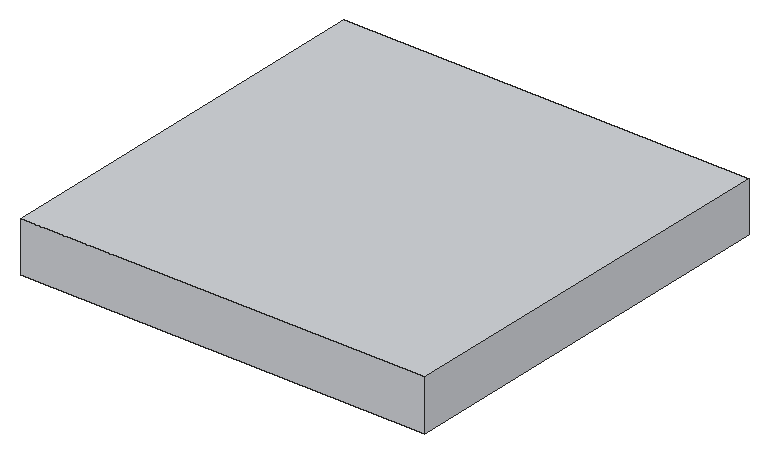
Revit family "05-E084-Z5-CL", category Luminarias, Revit 2017
Family settings
  Anfitrión = Cara
  Cota de conector redondo = Diámetro de uso
  Tipo de pieza = Normal
  Número OmniClass = 23.80.70.00
  Título OmniClass = Lighting
  Corte con vacíos al cargar = No
  Origen de luz = No
  Compartido = Sí
  Punto de cálculo de habitación = No
Parameters (values of type "05-E084-Z5-CL")
  Versión = "v1"
  Vatios (W) = 24.8
  Tipo de regulación = "0-10V"
  Tipo = "Aplique"
  Tender text (English) = "LEDS C4\nAfrodita Infinite\n05-E084-Z5-CL\n\nWall light for indoor and outdoor use. \n\nFor uplighting and downlighting. Suitable for installation in marine environments. Includes 2 cable outlets to facilitate chain mounting. Structure material: Aluminium. Structure finish: Urban grey. Diffuser material: Glass. Diffuser finish: Sandblasted. UV protection. Warranty: 5 Years. Ta max: 50ºC.\n\nProduct net weight (Kg): 0.000\nProduct width or diameter (mm): 1000\nProduct height (mm): 105\nProduct aperture (mm): 91\n\nClass 1. IP: IP65. IK: IK04. LED. No. of lampholders or LEDs: 200. LED brand: EVERLIGHT. Driver brand: INVENTRONICS. Maximum power of light source: 20.3W. Colour temperature: LED warm-white 3000K. Colour rendering index: 80. MacAdam Steps: 3. Maximum diameter of luminaire bulb: 50.000h L80B20. UGR:  16.2. Photobiological risk: RG0. % de Flickering: &lt;5%. Real flux (lm): 1388. Lm/Real W: 56. Voltage and frequency range: 90-305/50-60Hz. Voltage: 3. Gear included: Yes, electronic. Total power: 24.8. Power factor: 0.90. Dimmable gear included: 0-10V."
  Tender text (Castellano) = "LEDS C4\nAfrodita Infinite\n05-E084-Z5-CL\n\nAplique de uso interior y exterior para iluminar hacia arriba y hacia abajo \nApto para instalar en ambientes con atmósfera marina. Incluye 2 salidas de cable para facilitar la instalación en cadena. Material estructura: Aluminio. Acabado estructura: Gris urbano. Material difusor: Cristal. Acabado difusor: Arenado. Protección contra los rayos ultravioleta. Garantía: 5 Años. Ta max: 50ºC.\n\nPeso neto del producto (Kg): 0.000\nAnchura o diámetro del producto (mm): 1000\nAltura del producto (mm): 105\nSalida del producto (mm): 91\n\nClase 1. IP: IP65. IK: IK04. LED. Nº de portalámparas o Leds: 200. Marca del LED: EVERLIGHT. Marca del Driver: INVENTRONICS. Potencia máxima de la fuente de luz: 20.3W. Temperatura de color: Blanco cálido - 3000K. Índice de reproducción cromática: 80. Steps Mac Adam: 3. Diámetro máximo de la bombilla que admite la luminaria: 50.000h L80B20. UGR:  16.2. Riesgo fotobiológico: RG0. % de Flickering: &lt;5%. Flujo real (lm): 1388. Lm/W reales: 56. Rango de voltaje/frecuencia: 90-305/50-60Hz. Voltaje: 3. Equipo incluido: Si, electrónico. Potencia total: 24.8. Factor de potencia: 0.90. Equipo regulable incluido: 0-10V."
  Temperatura color led (K) = "Blanco cálido - 3000K"
  Referencia = "05-E084-Z5-CL"
  Rayo de luz = "Check Photometric file"
  Producto descatalogado = "Catalogado ES"
  Pluma comercial = ""
  Peso neto (KG) = 0
  Material = "Aluminio, Cristal"
  Lumenes reales (lm) = 1388
  LDT = "http://files.leds-c4.com/ldt/05-E084-Z5-CL.html"
  Imagen web = "http://files.leds-c4.com/main-photo/05-E084-Z5-CL"
  IfcExportType = "NOTDEFINED"
  IfcExportAs = "IfcLightFixture\r\nIfcLightFixture"
  IP = "IP65"
  IMC = "http://files.leds-c4.com/imc/05-E084-Z5-CL.html"
  IK = "IK04"
  Fuente de luz = ""
  Fotometría = "http://files.leds-c4.com/fm/05-E084-Z5-CL.html"
  Ficha = "http://files.leds-c4.com/ft/es/05-E084-Z5-CL.html"
  FechaVersion = "Julio 2020"
  Familia = "Afrodita Infinite"
  Fabricante = "LEDS C4"
  Etiqueta V/f = "100-240V/50-60Hz"
  Elevación por defecto = 1000 mm
  Eficiencia energética = "LED A++"
  EAN13 = "8435575323063"
  DescripcionUniformat2010 = "Lighting"
  DescripcionUniclass2015 = "Lighting"
  DescripcionOmniclass = "Lighting"
  DescripcionGubimclass = "Iluminación interior"
  CodigoUniformat2010 = "D5040"
  CodigoUniclass2015 = "EF_70_80"
  CodigoOmniclass = "21-04 50 40"
  CodigoGubimclass = "50.60.50.20"
  Catálogo = "Outdoor"
  Carga aparente = 0 VA
  CRI = 80
  Acabado = "Gris urbano, Arenado"
Types (2, lengths in mm): name | Lumenes reales (lm) | CRI
  (no name) | 0 | 0
  05-E084-Z5-CL | 1388 | 80
Values of the unnamed type that differ from the named types
  Vatios (W) = 0
  Tipo de regulación = ""
  Tipo = ""
  Tender text (English) = ""
  Tender text (Castellano) = ""
  Temperatura color led (K) = ""
  Referencia = ""
  Rayo de luz = ""
  Producto descatalogado = ""
  Material = ""
  LDT = ""
  Imagen web = ""
  IP = ""
  IMC = ""
  IK = ""
  Fotometría = ""
  Ficha = ""
  Familia = ""
  Etiqueta V/f = ""
  Eficiencia energética = ""
  EAN13 = ""
  Catálogo = ""
  Acabado = ""
Reference planes
  plane 1 "Centro (Frontal/Posterior)": y = 0
  plane 2: z = 0
  plane 3 "Centro (Izquierda/Derecha)": x = 0
  plane 4 "Elevación de origen de luz": z = 0
  plane 5 "Eje de origen de luz (F/P)": y = 0
  plane 6 "Eje de origen de luz (I/D)": x = 0
Forms (mm)
  Extrusion 1, solid
    sketch origin (0, 0, 0) x (1, 0, 0) y (0, 1, 0)
      loop
        line (-1219.2, 1219.2) -> (-1219.2, -1219.2) -> (1219.2, -1219.2) -> (1219.2, 1219.2) -> (-1219.2, 1219.2)
    from 0 to -304.8
Dimensions and locks
  aligned and locked: plane 2 to Extrusion 1
  aligned and locked: level to Extrusion 1
Connectors
  electrical at (0, 0, 0)
    settings: on Extrusion 1, index 1, voltage 0 V, apparent load 0 VA, apparent load phase1 0 VA, apparent load phase2 0 VA, apparent load phase3 0 VA, power factor 1, load classification "Otro", number of poles 1, system type 31, power factor state 1, is connector primary yes, connector utility no, sub classification motor no, connector description ""
